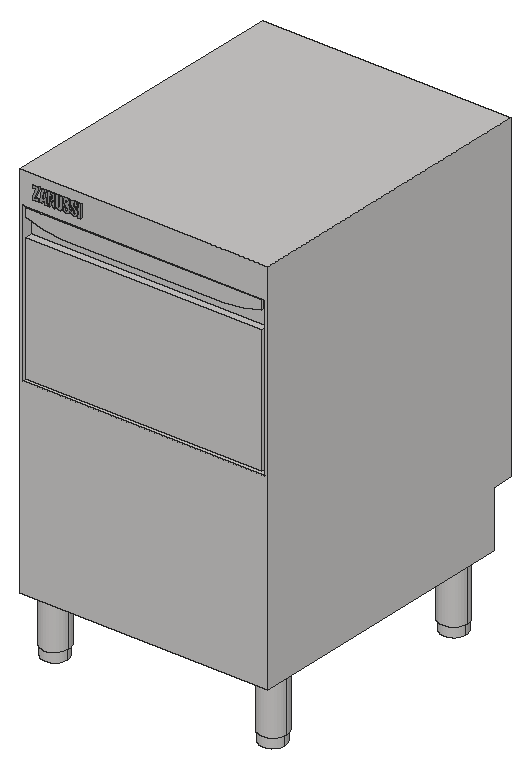
Revit family "QF_ZANUSSI_402231_ZSICGMS", category Specialty Equipment, Revit 2018
Family settings
  Round Connector Dimension = Use Diameter
  Part Type = Normal
  Work Plane-Based = No
  Always vertical = Yes
  Cut with Voids When Loaded = No
  Shared = No
  Room Calculation Point = No
Parameters (values of type "Standard")
  Weight = 37.00 kg
  Watts = 0 W
  Volts = 220 V
  URL Manufacturer = "http://www.zanussiprofessional.com"
  URL = "http://www.zanussiprofessional.com"
  Steam Supply Size = 0 mm
  Steam Supply Minimum Pressure = 0.0 Pa
  Steam Supply Maximum Pressure = 0.0 Pa
  Steam Pounds per Hour = 0
  Show Logo [instance] = yes
  Show Clearance [instance] = yes
  Refrigeration Suction Line Size = 0 mm
  Refrigeration Liquid Line Size = 0 mm
  Refrigerant Compressor Remote = yes
  Manufacturer = "Zanussi"
  Phase = 1
  Model = "ZSICGMS"
  Length Actual = 460 mm  # constant formula
  Item Number = "402231"
  Hot Water Size = 0 mm
  Height Actual = 820 mm  # constant formula
  HP = "4.4 HP"
  Gas Size = 0 mm
  Gas KW = 0
  Gas Input Pressure = 0 W
  Direct Waste Size = 27 mm
  Description = "GLASSWASHER(S) DOUBLE SKIN, COLD RINSE, DP, DD, MULTI RACK, 60B/H"
  Depth Actual = 565 mm  # constant formula
  Cycle = 50 Hz
  Condensate Return Size = 0 mm
  Compressed Air Volume = 0.0 L/s
  Compressed Air Size = 0 mm
  Compressed Air Pressure = 0.0 Pa
  Cold Water Size = 19.05 mm
  Accessory = yes
Types (2, lengths in mm): name | URL | Manufacturer | Phase | Model | Description | Cold Water Size
  (no name) | "http://professional.electrolux.com/" | 0 | 0 | 0 | 0 | 0
  Standard | "http://www.zanussiprofessional.com" | "Zanussi" | 1 | "ZSICGMS" | "GLASSWASHER(S) DOUBLE SKIN, COLD RINSE, DP, DD, MULTI RACK, 60B/H" | 19.05
Values of the unnamed type that differ from the named types
  Volts = 0 V
  URL Manufacturer = ""
  Item Number = ""
  Cycle = 0 Hz
Reference planes
  plane 1 "Center (Front/Back)": y = 0
  plane 2: z = 0
  plane 3 "Center (Left/Right)": x = 0
  plane 4 "LEFT": x = -230
  plane 5 "RIGHT": x = 230
  plane 6 "FRONT": y = -282.5
  plane 7 "BACK": y = 282.5
  plane 8: x = -202.5
  plane 9: x = 202.5
  plane 10: z = 820
  plane 11: z = 115
  plane 12: y = -597.5
Forms (mm)
  Extrusion 1, solid, material "QF_Finishes_Stainless Steel"
    sketch origin (0, 0, 0) x (1, 0, 0) y (0, 1, 0)
      loop
        line (-230, -282.5) -> (230, -282.5) -> (230, 243.5) -> (-230, 243.5) -> (-230, -282.5)
    from 115 to 820
  Extrusion 2, solid, material "QF_Finishes_Stainless Steel"
    sketch origin (0, 0, 0) x (1, 0, 0) y (0, 1, 0)
      loop
        line (-230, 243.5) -> (230, 243.5) -> (230, 282.5) -> (-230, 282.5) -> (-230, 243.5)
    from 220.672 to 820
  Extrusion 3, void
    sketch origin (-230, -282.5, 0) x (-1, 0, 0) y (0, 0, 1)
      loop
        line (-5, 763.217) -> (-455, 763.217) -> (-455, 470) -> (-5, 470) -> (-5, 763.217)
    from 0 to 30
  Extrusion 4, solid, material "QF_Finishes_Stainless Steel"
    sketch origin (-53, -392, 853) x (0, 0, -1) y (1, 0, 0)
      loop
        circle (693, 213) r 10
    from -635.5 to -674.5
  Extrusion 5, solid, material "QF_Door-Drawer Clearances", visible <- "Show Clearance", detail levels coarse
    sketch origin (-230, -282.5, -30) x (0, 1, 0) y (0, 0, -1)
      loop
        line (0, -500) -> (-315, -500)
        arc (-315, -500) -> (-219.503, -713.218) -> (0, -793.217) r 299.895
        line (0, -793.217) -> (0, -500)
    from -10 to -450
  Extrusion 6, solid, material "QF_Finishes_Stainless Steel"
    sketch origin (-242.481, -392, 853) x (0, 0, -1) y (1, 0, 0)
      loop
        circle (663, 322.481) r 8
    from -635.5 to -674.5
  Extrusion 7, solid, material "QF_Finishes_Stainless Steel"
    sketch origin (-230, -282.5, 0) x (0, 1, 0) y (0, 0, -1)
      loop
        line (0, -475.399) -> (0, -710) -> (15, -710) -> (15, -760) -> (25, -760) -> (25, -475.399) -> (0, -475.399)
    from -10 to -450
  Extrusion 8, solid, material "QF_Finishes_Stainless Steel"
    sketch origin (-230, -282.5, 0) x (0, 1, 0) y (0, 0, -1)
      loop
        line (15, -760) -> (15, -757.514) -> (2.5, -757.514) -> (2.5, -731.25) -> (0, -731.25) -> (0, -760) -> (15, -760)
    from -10 to -450
  Extrusion 9, void
    sketch origin (-230, -282.5, 760) x (0, 0, 1) y (1, 0, 0)
      loop
        line (-28.75, 79.92) -> (-28.75, 10) -> (-15.552, 10)
        arc (-15.552, 10) -> (-25.346, 44.357) -> (-28.75, 79.92) r 196.283
      loop
        arc (-28.75, 380.08) -> (-25.346, 415.643) -> (-15.552, 450) r 196.283
        line (-15.552, 450) -> (-28.75, 450) -> (-28.75, 380.08)
    from 0 to 2.5
  Extrusion 10, solid, material "QF_Finishes_Stainless Steel"
    sketch origin (-410, -392, 853) x (0, 0, -1) y (1, 0, 0)
      loop
        circle (663, 228) r 8
    from -635.5 to -674.5
  Extrusion 11, solid, material "QF_Finishes_Stainless Steel"
    sketch origin (717.514, -447.389, 0) x (1, 0, 0) y (0, 1, 0)
      loop
        circle (-515.014, 211.889) r 22.9
    from 0 to 19.05
  Extrusion 12, solid, material "QF_Finishes_Stainless Steel"
    sketch origin (148.114, -1971.389, 150) x (-1, 0, 0) y (0, -1, 0)
      loop
        circle (-54.386, -1735.889) r 25.4
    from -130.95 to -35
  Extrusion 13, solid, material "QF_Finishes_Stainless Steel"
    sketch origin (412.878, -447.389, 0) x (1, 0, 0) y (0, 1, 0)
      loop
        circle (-615.378, 211.889) r 22.9
    from 0 to 19.05
  Extrusion 14, solid, material "QF_Finishes_Stainless Steel"
    sketch origin (-156.522, -1971.389, 150) x (-1, 0, 0) y (0, -1, 0)
      loop
        circle (45.978, -1735.889) r 25.4
    from -130.95 to -35
  Extrusion 15, solid, material "QF_Finishes_Stainless Steel"
    sketch origin (717.514, -27.389, 0) x (1, 0, 0) y (0, 1, 0)
      loop
        circle (-515.014, 211.889) r 22.9
    from 0 to 19.05
  Extrusion 16, solid, material "QF_Finishes_Stainless Steel"
    sketch origin (148.114, -1551.389, 150) x (-1, 0, 0) y (0, -1, 0)
      loop
        circle (-54.386, -1735.889) r 25.4
    from -130.95 to -35
  Extrusion 17, solid, material "QF_Finishes_Stainless Steel"
    sketch origin (412.878, -27.389, 0) x (1, 0, 0) y (0, 1, 0)
      loop
        circle (-615.378, 211.889) r 22.9
    from 0 to 19.05
  Extrusion 18, solid, material "QF_Finishes_Stainless Steel"
    sketch origin (-156.522, -1551.389, 150) x (-1, 0, 0) y (0, -1, 0)
      loop
        circle (45.978, -1735.889) r 25.4
    from -130.95 to -35
Cuts and joins
  Extrusion 3 cuts Extrusion 1
  joined: Extrusion 1, Extrusion 2
  Extrusion 9 cuts Extrusion 7
  Extrusion 9 cuts Extrusion 8
Lines and regions (mm)
  Split face 1
    outline origin (-210, -282.5, 820) x (0, 0, -1) y (1, 0, 0)
      loop
        line (19.683, 178.044) -> (39.683, 178.044) -> (39.683, 218.044) -> (19.683, 218.044) -> (19.683, 178.044)
  Split face 2
    outline origin (-230, -282.5, 820) x (0, 0, -1) y (1, 0, 0)
      loop
        line (0, 60) -> (8.971, 231.184)
        arc (8.971, 231.184) -> (10.385, 244.635) -> (13.197, 257.865) r 129.217
        line (13.197, 257.865) -> (16.45, 270.003)
        arc (16.45, 270.003) -> (21.39, 307.532) -> (16.45, 345.06) r 145
        line (16.45, 345.06) -> (12.733, 358.932)
        arc (12.733, 358.932) -> (7.857, 380.123) -> (4.504, 401.608) r 305
        line (4.504, 401.608) -> (0, 439.217)
      loop
        line (56.783, 109.273) -> (50.394, 231.184)
        arc (50.394, 231.184) -> (48.98, 244.635) -> (46.168, 257.865) r 129.217
        line (46.168, 257.865) -> (42.916, 270.003)
        arc (42.916, 270.003) -> (37.975, 307.532) -> (42.916, 345.06) r 145
        line (42.916, 345.06) -> (46.633, 358.932)
        arc (46.633, 358.932) -> (51.508, 380.123) -> (54.862, 401.608) r 305
        line (54.862, 401.608) -> (56.783, 417.653)
  Split face 3
    outline origin (-230, -282.5, 820) x (0, 0, -1) y (1, 0, 0)
      loop
        line (0.533, 460) -> (7.482, 401.965)
        arc (7.482, 401.965) -> (10.803, 380.691) -> (15.63, 359.709) r 302
        line (15.63, 359.709) -> (19.347, 345.837)
        arc (19.347, 345.837) -> (24.39, 307.532) -> (19.347, 269.226) r 148
        line (19.347, 269.226) -> (16.095, 257.089)
        arc (16.095, 257.089) -> (13.348, 244.166) -> (11.967, 231.027) r 126.217
        line (11.967, 231.027) -> (0, 2.678)
      loop
        line (56.783, 442.884) -> (51.883, 401.965)
        arc (51.883, 401.965) -> (48.562, 380.691) -> (43.735, 359.709) r 302
        line (43.735, 359.709) -> (40.018, 345.837)
        arc (40.018, 345.837) -> (34.975, 307.532) -> (40.018, 269.226) r 148
        line (40.018, 269.226) -> (43.27, 257.089)
        arc (43.27, 257.089) -> (46.017, 244.166) -> (47.398, 231.027) r 126.217
        line (47.398, 231.027) -> (56.783, 51.951)
  Split face 4
    outline origin (-230, -282.5, 820) x (0, 0, -1) y (1, 0, 0)
      loop
        line (56.783, 5) -> (56.783, 0)
      loop
        line (56.783, 455) -> (56.783, 460)
  symbolic lines
    curve 1: line (-230, 282.5, 0) -> (230, 282.5, 0)
    curve 2: line (-230, -282.5, 0) -> (-230, 282.5, 0)
    curve 3: line (230, -282.5, 0) -> (-230, -282.5, 0)
    curve 4: line (230, 282.5, 0) -> (230, -282.5, 0)
  symbolic lines, style "QF_Door-Drawer Clearances"
    curve 5: line (-220, -597.5, 0) -> (220, -597.5, 0)
    curve 6: line (220, -597.5, 0) -> (220, -282.5, 0)
    curve 7: line (-220, -597.5, 0) -> (-220, -282.5, 0)
  symbolic lines, style "SpecialityEquipmentHiddenLines"
    curve 8: line (-230, 243.5, 0) -> (230, 243.5, 0)
Dimensions and locks
  equal spacing: plane 4 "LEFT", plane 3 "Center (Left/Right)", plane 5 "RIGHT"
  equal spacing: plane 7 "BACK", plane 1 "Center (Front/Back)", plane 6 "FRONT"
  plane 7 "BACK" to plane 6 "FRONT" = 565 mm
  plane 4 "LEFT" to plane 5 "RIGHT" = 460 mm
  plane 4 "LEFT" to plane 8 = 27.5 mm
  plane 9 to plane 5 "RIGHT" = 27.5 mm
  plane 11 to level = 115 mm
  plane 4 "LEFT" to plane 3 "Center (Left/Right)" = 230 mm
  plane 10 to level = 820 mm  (x2)
  plane 8 to plane 9 = 405 mm
  level to Extrusion 10 sketch curve = 190 mm
  Extrusion 10 sketch curve to plane 4 "LEFT" = 48 mm
  level to Extrusion 4 sketch curve = 160 mm
  Extrusion 4 sketch curve to plane 4 "LEFT" = 390 mm
  Extrusion 6 sketch curve to plane 4 "LEFT" = 310 mm
  level to Extrusion 6 sketch curve = 190 mm
  plane 9 to plane 8 = 405 mm
  plane 7 "BACK" to curve 5 = 880 mm
  cut or joined group of Extrusion 7, Extrusion 9 to cut or joined group of Extrusion 1, Extrusion 2, Extrusion 3 = 240 mm
  plane 10 to plane 11 = 705 mm
  cut or joined group of Extrusion 8, Extrusion 9 to Extrusion 5 = 290 mm
  plane 7 "BACK" to plane 12 = 880 mm
  aligned and locked: level to plane 2
  aligned and locked: Extrusion 1 sketch curve to plane 6 "FRONT"
  aligned and locked: Extrusion 1 sketch curve to plane 4 "LEFT"
  aligned and locked: plane 5 "RIGHT" to Extrusion 1 sketch curve
  aligned and locked: Extrusion 1 to plane 11
  aligned and locked: Extrusion 2 sketch curve to Extrusion 1  (x2)
  aligned and locked: plane 7 "BACK" to Extrusion 2 sketch curve
  aligned and locked: plane 5 "RIGHT" to Extrusion 2 sketch curve
  aligned and locked: Extrusion 2 to Extrusion 4
  aligned and locked: Extrusion 2 to Extrusion 6
  aligned and locked: plane 7 "BACK" to Extrusion 6
  aligned and locked: plane 7 "BACK" to Extrusion 4
  aligned and locked: cut or joined group of Extrusion 8, Extrusion 9 to Extrusion 9
  aligned and locked: plane 10 to Extrusion 2
Automatic sketch dimensions
  curve 8 to plane 4 "LEFT" = 0 mm
  curve 7 to plane 6 "FRONT" = 0 mm
  curve 4 to plane 5 "RIGHT" = 0 mm
  curve 2 to plane 7 "BACK" = 0 mm
  plane 4 "LEFT" to curve 7 = 10 mm
  curve 5 to plane 5 "RIGHT" = 10 mm
  curve 8 to plane 7 "BACK" = 39 mm
  Extrusion 1 sketch curve to plane 7 "BACK" = 39 mm
  Extrusion 3 sketch curve to Extrusion 1 = 5 mm  (x2)
  Extrusion 3 sketch curve to Extrusion 1 = 350 mm
  Extrusion 3 sketch curve to Extrusion 1 = 56.783 mm
  Extrusion 5 sketch curve to plane 12 = 0 mm
  Extrusion 5 sketch curve to plane 6 "FRONT" = 0 mm
  Extrusion 5 sketch curve to plane 6 "FRONT" = 15.171 mm
  Extrusion 5 sketch curve to plane 10 = 56.783 mm
  Extrusion 5 sketch curve to plane 10 = 350 mm
  Extrusion 7 sketch curve to plane 6 "FRONT" = 0 mm
  plane 6 "FRONT" to Extrusion 7 sketch curve = 15 mm
  Extrusion 7 sketch curve to Extrusion 7 sketch curve = 25 mm
  Extrusion 7 sketch curve to plane 10 = 60 mm
  Extrusion 7 sketch curve to Extrusion 7 sketch curve = 50 mm
  Extrusion 7 sketch curve to Extrusion 7 sketch curve = 234.601 mm
  Extrusion 8 sketch curve to plane 6 "FRONT" = 0 mm
  Extrusion 8 sketch curve to Extrusion 8 sketch curve = 2.5 mm
  Extrusion 8 sketch curve to Extrusion 8 sketch curve = 12.5 mm
  Extrusion 8 sketch curve to plane 10 = 60 mm
  Extrusion 8 sketch curve to Extrusion 8 sketch curve = 2.486 mm
  Extrusion 8 sketch curve to Extrusion 8 sketch curve = 26.264 mm
  Extrusion 9 sketch curve to Extrusion 8 = 0 mm  (x3)
  Extrusion 8 to Extrusion 9 sketch curve = 0 mm
  Extrusion 9 sketch curve to Extrusion 8 = 13.198 mm  (x2)
  Extrusion 9 sketch curve to Extrusion 8 = 70.763 mm  (x2)
  Extrusion 9 sketch curve to Extrusion 8 = 196.281 mm  (x2)
  Split face 1 sketch curve to cut or joined group of Extrusion 1, Extrusion 2, Extrusion 3 = 19.683 mm
  cut or joined group of Extrusion 1, Extrusion 2, Extrusion 3 to Split face 1 sketch curve = 17.1 mm
  Split face 1 sketch curve to cut or joined group of Extrusion 1, Extrusion 2, Extrusion 3 = 193.044 mm
  Split face 1 sketch curve to Split face 1 sketch curve = 40 mm
  Extrusion 11 sketch curve to plane 9 = 0 mm
  plane 6 "FRONT" to Extrusion 11 sketch curve = 47 mm
  Extrusion 12 sketch curve to plane 9 = 0 mm
  plane 6 "FRONT" to Extrusion 12 sketch curve = 47 mm
  Extrusion 13 sketch curve to plane 8 = 0 mm
  plane 6 "FRONT" to Extrusion 13 sketch curve = 47 mm
  Extrusion 14 sketch curve to plane 8 = 0 mm
  plane 6 "FRONT" to Extrusion 14 sketch curve = 47 mm
  Extrusion 15 sketch curve to plane 9 = 0 mm
  Extrusion 15 sketch curve to plane 7 "BACK" = 98 mm
  Extrusion 16 sketch curve to plane 9 = 0 mm
  Extrusion 16 sketch curve to plane 7 "BACK" = 98 mm
  Extrusion 17 sketch curve to plane 8 = 0 mm
  Extrusion 17 sketch curve to plane 7 "BACK" = 98 mm
  Extrusion 18 sketch curve to plane 8 = 0 mm
  Extrusion 18 sketch curve to plane 7 "BACK" = 98 mm
  Split face 3 sketch curve to cut or joined group of Extrusion 1, Extrusion 2, Extrusion 3 = 0 mm  (x4)
  cut or joined group of Extrusion 1, Extrusion 2, Extrusion 3 to Split face 3 sketch curve = 78.646 mm
  Split face 3 sketch curve to Split face 3 sketch curve = 44.963 mm  (x2)
  Split face 3 sketch curve to cut or joined group of Extrusion 1, Extrusion 2, Extrusion 3 = 17.128 mm  (x2)
  Split face 3 sketch curve to Split face 3 sketch curve = 124.365 mm
  Split face 3 sketch curve to cut or joined group of Extrusion 1, Extrusion 2, Extrusion 3 = 7.482 mm
  Split face 3 sketch curve to cut or joined group of Extrusion 1, Extrusion 2, Extrusion 3 = 11.967 mm
  Split face 3 sketch curve to cut or joined group of Extrusion 1, Extrusion 2, Extrusion 3 = 15.63 mm
  Split face 3 sketch curve to cut or joined group of Extrusion 1, Extrusion 2, Extrusion 3 = 16.095 mm
  Split face 3 sketch curve to Split face 3 sketch curve = 3.252 mm  (x2)
  Split face 3 sketch curve to Split face 3 sketch curve = 3.717 mm
  cut or joined group of Extrusion 1, Extrusion 2, Extrusion 3 to Split face 3 sketch curve = 16.765 mm  (x2)
  cut or joined group of Extrusion 1, Extrusion 2, Extrusion 3 to Split face 3 sketch curve = 13.048 mm
  cut or joined group of Extrusion 1, Extrusion 2, Extrusion 3 to Split face 3 sketch curve = 9.385 mm
  cut or joined group of Extrusion 1, Extrusion 2, Extrusion 3 to Split face 3 sketch curve = 4.9 mm
  Split face 3 sketch curve to cut or joined group of Extrusion 1, Extrusion 2, Extrusion 3 = 81.229 mm
  Split face 3 sketch curve to cut or joined group of Extrusion 1, Extrusion 2, Extrusion 3 = 42.66 mm
  Split face 3 sketch curve to cut or joined group of Extrusion 1, Extrusion 2, Extrusion 3 = 53.035 mm
  Split face 3 sketch curve to Split face 3 sketch curve = 0 mm
  Split face 3 sketch curve to Split face 3 sketch curve = 13.872 mm  (x2)
  Split face 3 sketch curve to Split face 3 sketch curve = 38.305 mm  (x2)
  Split face 3 sketch curve to Split face 3 sketch curve = 12.138 mm  (x2)
  Split face 3 sketch curve to Split face 3 sketch curve = 26.062 mm  (x2)
  Split face 3 sketch curve to cut or joined group of Extrusion 1, Extrusion 2, Extrusion 3 = 0.533 mm
  Split face 3 sketch curve to cut or joined group of Extrusion 1, Extrusion 2, Extrusion 3 = 46.951 mm
  cut or joined group of Extrusion 1, Extrusion 2, Extrusion 3 to Split face 3 sketch curve = 2.322 mm
  Split face 3 sketch curve to cut or joined group of Extrusion 1, Extrusion 2, Extrusion 3 = 12.116 mm
  Split face 2 sketch curve to cut or joined group of Extrusion 1, Extrusion 2, Extrusion 3 = 0 mm  (x2)
  cut or joined group of Extrusion 1, Extrusion 2, Extrusion 3 to Split face 2 sketch curve = 78.646 mm
  Split face 2 sketch curve to Split face 2 sketch curve = 44.963 mm  (x2)
  Split face 2 sketch curve to cut or joined group of Extrusion 1, Extrusion 2, Extrusion 3 = 17.128 mm  (x2)
  Split face 2 sketch curve to Split face 2 sketch curve = 124.365 mm
  Split face 2 sketch curve to cut or joined group of Extrusion 1, Extrusion 2, Extrusion 3 = 4.504 mm
  Split face 2 sketch curve to cut or joined group of Extrusion 1, Extrusion 2, Extrusion 3 = 8.971 mm
  Split face 2 sketch curve to cut or joined group of Extrusion 1, Extrusion 2, Extrusion 3 = 12.733 mm
  Split face 2 sketch curve to cut or joined group of Extrusion 1, Extrusion 2, Extrusion 3 = 13.197 mm
  Split face 2 sketch curve to Split face 2 sketch curve = 3.717 mm
  Split face 2 sketch curve to Split face 2 sketch curve = 3.252 mm
  cut or joined group of Extrusion 1, Extrusion 2, Extrusion 3 to Split face 2 sketch curve = 13.867 mm  (x2)
  cut or joined group of Extrusion 1, Extrusion 2, Extrusion 3 to Split face 2 sketch curve = 10.615 mm
  cut or joined group of Extrusion 1, Extrusion 2, Extrusion 3 to Split face 2 sketch curve = 10.15 mm
  cut or joined group of Extrusion 1, Extrusion 2, Extrusion 3 to Split face 2 sketch curve = 6.389 mm
  cut or joined group of Extrusion 1, Extrusion 2, Extrusion 3 to Split face 2 sketch curve = 1.921 mm
  Split face 2 sketch curve to cut or joined group of Extrusion 1, Extrusion 2, Extrusion 3 = 81.229 mm
  Split face 2 sketch curve to cut or joined group of Extrusion 1, Extrusion 2, Extrusion 3 = 42.66 mm
  Split face 2 sketch curve to cut or joined group of Extrusion 1, Extrusion 2, Extrusion 3 = 53.392 mm
  Split face 2 sketch curve to Split face 2 sketch curve = 0 mm
  Split face 2 sketch curve to Split face 2 sketch curve = 13.872 mm  (x2)
  Split face 2 sketch curve to Split face 2 sketch curve = 37.529 mm  (x2)
  Split face 2 sketch curve to Split face 2 sketch curve = 12.138 mm  (x2)
  Split face 2 sketch curve to Split face 2 sketch curve = 26.681 mm  (x2)
  cut or joined group of Extrusion 1, Extrusion 2, Extrusion 3 to Split face 2 sketch curve = 0 mm  (x2)
  Split face 2 sketch curve to Split face 2 sketch curve = 16.045 mm
  Split face 2 sketch curve to cut or joined group of Extrusion 1, Extrusion 2, Extrusion 3 = 104.273 mm
  Split face 2 sketch curve to cut or joined group of Extrusion 1, Extrusion 2, Extrusion 3 = 55 mm
  Split face 2 sketch curve to cut or joined group of Extrusion 1, Extrusion 2, Extrusion 3 = 15.783 mm
  cut or joined group of Extrusion 1, Extrusion 2, Extrusion 3 to Split face 4 sketch curve = 0 mm
  Split face 4 sketch curve to cut or joined group of Extrusion 1, Extrusion 2, Extrusion 3 = 0 mm  (x5)
  radius of Extrusion 4 sketch curve = 10 mm
  radius of Extrusion 6 sketch curve = 8 mm
  radius of Extrusion 10 sketch curve = 8 mm
  radius of Extrusion 11 sketch curve = 22.9 mm
  radius of Extrusion 12 sketch curve = 25.4 mm
  radius of Extrusion 13 sketch curve = 22.9 mm
  radius of Extrusion 14 sketch curve = 25.4 mm
  radius of Extrusion 15 sketch curve = 22.9 mm
  radius of Extrusion 16 sketch curve = 25.4 mm
  radius of Extrusion 17 sketch curve = 22.9 mm
  radius of Extrusion 18 sketch curve = 25.4 mm
Nested families
  nested 1: "ZAN_Logo_S_Grey" at (-160.606, -282.5, 791.116) x (1, 0, 0) z (0, -1, 0), type "ZAN_Logo_S_Grey"
Connectors
  piping at (160, 282.5, 160), diameter 20
    settings: on Extrusion 4, index 1, connector inside diameter 609.6 mm, connector length 0 mm, flow factor 0, pipe flow 0.0 L/s, pressure drop 0.0 Pa, fitting loss kfactor 0, connector angle 0.00°, fixture units 0, engagement length 0 mm, angle of deflection 0.00°, flow configuration 1, flow direction 1, fitting loss method 0, system type 16, joint type 0, gender type 0, connector reference index -1, connector utility 0, adjustable connector no, is connector primary yes, connector description "Drain"
  piping at (80, 282.5, 190), diameter 19.05, driven by "Cold Water Size"
    settings: on Extrusion 6, index 3, connector inside diameter 609.6 mm, connector length 0 mm, flow factor 0, pipe flow 0.0 L/s, pressure drop 0.0 Pa, fitting loss kfactor 0, connector angle 0.00°, fixture units 0, engagement length 0 mm, angle of deflection 0.00°, flow configuration 1, flow direction 1, fitting loss method 0, system type 20, joint type 0, gender type 0, connector reference index -1, connector utility 0, adjustable connector no, is connector primary no, connector description "Cold Water Inlet"
  electrical at (-182, 282.5, 190), driven by "Volts"
    settings: on Extrusion 10, index 4, voltage 220 V, apparent load 0 VA, apparent load phase1 0 VA, apparent load phase2 0 VA, apparent load phase3 0 VA, power factor 1, load classification "Altro", number of poles 1, system type 31, power factor state 1, is connector primary yes, connector utility no, sub classification motor no, connector description "Electrical Connection"
Definition of nested family "ZAN_Logo_S_Grey"
  Parameters (values of type "ZAN_Logo_S_Grey")
    Default Elevation = 0 mm
  Reference planes
    plane 1 "Centro (Fronte/Retro)": y = 0
    plane 2: z = 0
    plane 3 "Centro (Sinistra/Destra)": x = 0
  Forms (mm)
    Extrusion 1, solid
      sketch origin (0, 0, 0) x (1, 0, 0) y (0, 1, 0)
        loop
          line (-1219.2, 1219.2) -> (-1219.2, -1219.2) -> (1219.2, -1219.2) -> (1219.2, 1219.2) -> (-1219.2, 1219.2)
      from 0 to -304.8
    Extrusion 2, solid
      sketch origin (17.793, -46.218, 0) x (-1, 0, 0) y (0, -1, 0)
        loop
          spline (-4.176, -58.079) -> (-3.496, -58.328) -> (-2.793, -58.512) -> (-2.075, -58.63) -> (-1.348, -58.682) -> (-0.619, -58.669) -> (0.106, -58.588) -> (0.818, -58.44) -> (1.512, -58.225) -> (2.18, -57.941) -> (2.817, -57.589) -> (3.414, -57.167) -> (3.966, -56.676)
          spline (3.966, -56.676) -> (4.293, -56.162) -> (4.575, -55.61) -> (4.81, -55.026) -> (5, -54.419) -> (5.146, -53.797) -> (5.247, -53.166) -> (5.304, -52.536) -> (5.318, -51.913) -> (5.288, -51.306) -> (5.217, -50.723) -> (5.103, -50.17) -> (4.949, -49.657)
          line (4.949, -49.657) -> (2.702, -46.428) -> (0.316, -44.323)
          spline (0.316, -44.323) -> (0.065, -44.115) -> (-0.195, -43.909) -> (-0.46, -43.704) -> (-0.729, -43.496) -> (-0.997, -43.282) -> (-1.263, -43.059) -> (-1.523, -42.825) -> (-1.774, -42.576) -> (-2.013, -42.309) -> (-2.238, -42.022) -> (-2.445, -41.712) -> (-2.632, -41.375)
          spline (-2.632, -41.375) -> (-2.666, -41.159) -> (-2.697, -40.934) -> (-2.722, -40.701) -> (-2.736, -40.465) -> (-2.736, -40.227) -> (-2.72, -39.989) -> (-2.682, -39.754) -> (-2.621, -39.524) -> (-2.533, -39.302) -> (-2.414, -39.091) -> (-2.261, -38.892) -> (-2.07, -38.708)
          line (-2.07, -38.708) -> (-0.245, -38.567)
          spline (-0.245, -38.567) -> (0.096, -38.8) -> (0.354, -39.074) -> (0.54, -39.381) -> (0.664, -39.716) -> (0.738, -40.073) -> (0.772, -40.445) -> (0.777, -40.825) -> (0.763, -41.208) -> (0.742, -41.588) -> (0.723, -41.957) -> (0.718, -42.309) -> (0.737, -42.638)
          line (0.737, -42.638) -> (5.65, -42.638)
          spline (5.65, -42.638) -> (5.708, -42.042) -> (5.741, -41.448) -> (5.747, -40.857) -> (5.723, -40.273) -> (5.668, -39.696) -> (5.58, -39.129) -> (5.457, -38.574) -> (5.297, -38.032) -> (5.098, -37.506) -> (4.857, -36.997) -> (4.574, -36.508) -> (4.247, -36.041)
          spline (4.247, -36.041) -> (3.844, -35.675) -> (3.409, -35.35) -> (2.946, -35.065) -> (2.458, -34.819) -> (1.949, -34.612) -> (1.421, -34.444) -> (0.88, -34.314) -> (0.326, -34.221) -> (-0.234, -34.165) -> (-0.8, -34.146) -> (-1.366, -34.163) -> (-1.93, -34.216)
          spline (-1.93, -34.216) -> (-2.526, -34.309) -> (-3.116, -34.448) -> (-3.695, -34.633) -> (-4.259, -34.861) -> (-4.801, -35.131) -> (-5.316, -35.444) -> (-5.799, -35.798) -> (-6.245, -36.191) -> (-6.648, -36.624) -> (-7.002, -37.095) -> (-7.303, -37.603) -> (-7.545, -38.146)
          spline (-7.545, -38.146) -> (-7.694, -38.815) -> (-7.792, -39.487) -> (-7.839, -40.158) -> (-7.836, -40.824) -> (-7.785, -41.482) -> (-7.685, -42.129) -> (-7.539, -42.762) -> (-7.347, -43.377) -> (-7.111, -43.97) -> (-6.83, -44.538) -> (-6.506, -45.078) -> (-6.141, -45.586)
          line (-6.141, -45.586) -> (-0.526, -50.64) -> (0.176, -51.482)
          spline (0.176, -51.482) -> (0.248, -51.66) -> (0.323, -51.843) -> (0.397, -52.03) -> (0.467, -52.22) -> (0.529, -52.412) -> (0.579, -52.605) -> (0.615, -52.798) -> (0.633, -52.989) -> (0.63, -53.179) -> (0.601, -53.366) -> (0.545, -53.55) -> (0.456, -53.728)
          spline (0.456, -53.728) -> (0.375, -53.892) -> (0.273, -54.034) -> (0.154, -54.155) -> (0.02, -54.258) -> (-0.126, -54.343) -> (-0.28, -54.412) -> (-0.441, -54.466) -> (-0.604, -54.508) -> (-0.767, -54.537) -> (-0.928, -54.556) -> (-1.082, -54.567) -> (-1.228, -54.57)
          line (-1.228, -54.57) -> (-2.632, -53.587) -> (-2.772, -50.64) -> (-7.405, -50.64)
          spline (-7.405, -50.64) -> (-7.41, -51.031) -> (-7.423, -51.432) -> (-7.44, -51.839) -> (-7.456, -52.251) -> (-7.469, -52.665) -> (-7.475, -53.079) -> (-7.468, -53.489) -> (-7.446, -53.894) -> (-7.404, -54.291) -> (-7.339, -54.679) -> (-7.247, -55.053) -> (-7.123, -55.412)
          spline (-7.123, -55.412) -> (-6.999, -55.693) -> (-6.837, -55.97) -> (-6.643, -56.244) -> (-6.422, -56.509) -> (-6.177, -56.765) -> (-5.913, -57.009) -> (-5.634, -57.238) -> (-5.346, -57.45) -> (-5.051, -57.643) -> (-4.755, -57.814) -> (-4.462, -57.96) -> (-4.176, -58.079)
        loop
          spline (-21.021, -55.552) -> (-20.633, -56.181) -> (-20.177, -56.736) -> (-19.661, -57.217) -> (-19.092, -57.627) -> (-18.478, -57.966) -> (-17.827, -58.237) -> (-17.147, -58.441) -> (-16.446, -58.578) -> (-15.73, -58.652) -> (-15.009, -58.662) -> (-14.29, -58.611) -> (-13.581, -58.5)
          spline (-13.581, -58.5) -> (-13.088, -58.407) -> (-12.595, -58.269) -> (-12.109, -58.088) -> (-11.636, -57.866) -> (-11.183, -57.605) -> (-10.756, -57.307) -> (-10.361, -56.974) -> (-10.004, -56.608) -> (-9.692, -56.211) -> (-9.431, -55.784) -> (-9.228, -55.33) -> (-9.089, -54.851)
          spline (-9.089, -54.851) -> (-8.873, -54.211) -> (-8.715, -53.559) -> (-8.615, -52.901) -> (-8.574, -52.241) -> (-8.592, -51.585) -> (-8.668, -50.938) -> (-8.802, -50.306) -> (-8.995, -49.693) -> (-9.247, -49.106) -> (-9.557, -48.55) -> (-9.925, -48.03) -> (-10.352, -47.551)
          line (-10.352, -47.551) -> (-15.546, -42.919) -> (-16.669, -41.234)
          spline (-16.669, -41.234) -> (-16.704, -41.021) -> (-16.735, -40.804) -> (-16.761, -40.583) -> (-16.778, -40.361) -> (-16.784, -40.139) -> (-16.774, -39.919) -> (-16.748, -39.701) -> (-16.7, -39.488) -> (-16.63, -39.28) -> (-16.533, -39.08) -> (-16.406, -38.889) -> (-16.248, -38.708)
          line (-16.248, -38.708) -> (-14.844, -38.427)
          spline (-14.844, -38.427) -> (-14.347, -38.545) -> (-13.969, -38.749) -> (-13.695, -39.028) -> (-13.508, -39.368) -> (-13.393, -39.757) -> (-13.335, -40.182) -> (-13.318, -40.63) -> (-13.326, -41.089) -> (-13.344, -41.546) -> (-13.356, -41.988) -> (-13.347, -42.403) -> (-13.3, -42.779)
          line (-13.3, -42.779) -> (-8.387, -42.638)
          spline (-8.387, -42.638) -> (-8.326, -42.034) -> (-8.288, -41.417) -> (-8.277, -40.794) -> (-8.299, -40.169) -> (-8.357, -39.548) -> (-8.457, -38.936) -> (-8.604, -38.339) -> (-8.803, -37.762) -> (-9.058, -37.21) -> (-9.375, -36.689) -> (-9.758, -36.204) -> (-10.212, -35.76)
          spline (-10.212, -35.76) -> (-10.793, -35.336) -> (-11.409, -34.976) -> (-12.054, -34.679) -> (-12.723, -34.445) -> (-13.409, -34.273) -> (-14.107, -34.163) -> (-14.811, -34.115) -> (-15.515, -34.127) -> (-16.213, -34.2) -> (-16.899, -34.333) -> (-17.568, -34.526) -> (-18.213, -34.777)
          spline (-18.213, -34.777) -> (-18.496, -34.897) -> (-18.783, -35.044) -> (-19.071, -35.216) -> (-19.357, -35.412) -> (-19.639, -35.629) -> (-19.915, -35.865) -> (-20.182, -36.119) -> (-20.438, -36.389) -> (-20.681, -36.672) -> (-20.907, -36.967) -> (-21.115, -37.272) -> (-21.301, -37.585)
          spline (-21.301, -37.585) -> (-21.55, -38.26) -> (-21.734, -38.948) -> (-21.854, -39.647) -> (-21.91, -40.351) -> (-21.901, -41.057) -> (-21.828, -41.761) -> (-21.69, -42.459) -> (-21.489, -43.148) -> (-21.222, -43.823) -> (-20.892, -44.48) -> (-20.497, -45.116) -> (-20.038, -45.726)
          line (-20.038, -45.726) -> (-14.142, -51.061) -> (-13.44, -52.886) -> (-14.002, -54.289) -> (-15.265, -54.57) -> (-16.669, -53.587) -> (-16.81, -50.78) -> (-21.582, -50.64)
          spline (-21.582, -50.64) -> (-21.558, -51.063) -> (-21.55, -51.491) -> (-21.554, -51.92) -> (-21.561, -52.35) -> (-21.567, -52.778) -> (-21.565, -53.201) -> (-21.547, -53.619) -> (-21.509, -54.029) -> (-21.444, -54.43) -> (-21.345, -54.818) -> (-21.206, -55.193) -> (-21.021, -55.552)
        loop
          line (-22.424, -34.216) -> (-27.337, -34.216) -> (-27.337, -58.22) -> (-22.424, -58.22) -> (-22.424, -34.216)
        loop
          line (14.213, -39.971) -> (14.213, -58.22) -> (19.126, -58.22) -> (19.126, -42.077) -> (18.845, -38.146) -> (18.424, -37.164) -> (17.442, -35.9) -> (16.459, -35.199) -> (14.494, -34.356) -> (13.511, -34.216) -> (11.265, -34.216) -> (10.142, -34.497) -> (8.458, -35.479) -> (6.493, -38.287) -> (6.352, -39.269) -> (6.352, -58.22) -> (11.265, -58.22) -> (11.265, -40.392) -> (11.827, -39.129) -> (13.371, -38.988) -> (14.213, -39.971)
        loop
          line (20.249, -58.22) -> (24.741, -58.22) -> (24.741, -42.919) -> (28.812, -58.22) -> (34.006, -58.22) -> (34.006, -34.216) -> (29.654, -34.216) -> (29.654, -50.078) -> (25.583, -34.216) -> (20.249, -34.216) -> (20.249, -58.22)
        loop
          line (50.149, -58.22) -> (62.361, -58.22) -> (62.361, -53.728) -> (55.904, -53.868) -> (62.923, -39.129) -> (62.923, -34.216) -> (50.149, -34.216) -> (50.149, -39.129) -> (57.517, -39.129) -> (50.149, -54.149) -> (50.149, -58.22)
        loop
          line (38.778, -58.22) -> (45.516, -58.22) -> (49.868, -34.216) -> (44.814, -34.216) -> (44.113, -38.848) -> (40.042, -38.848) -> (39.34, -34.216) -> (34.286, -34.216) -> (38.778, -58.22)
        loop
          line (43.551, -43.2) -> (40.744, -43.2) -> (42.147, -54.117) -> (43.551, -43.2)
      from 0 to 1.644
  Dimensions and locks
    aligned and locked: plane 2 to Extrusion 1
    aligned and locked: level to Extrusion 1
